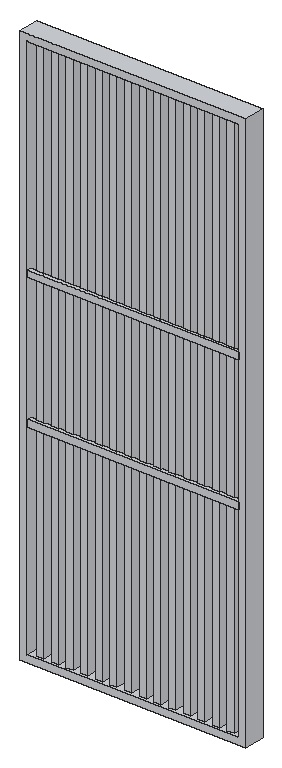
Revit family "Fire Staircase Screen", category Generic Models, Revit 2025
Family settings
  Can host rebar = No
  Round Connector Dimension = Use Diameter
  Part Type = Normal
  Work Plane-Based = No
  Always vertical = Yes
  Cut with Voids When Loaded = No
  Maintain Annotation Orientation = No
  Shared = No
  Room Calculation Point = No
Parameters
  Screen height = 4000 mm
  Screen Width = 1600 mm
  Post Width = 125 mm
  Post Height = Screen height - 2 * Frame Depth  # 3900 mm
  Post Depth = 50 mm
  Material = none
  Frame Width = 150 mm
  Frame Depth = 50 mm
  Default Elevation = 0 mm
  Bottom Battern Height = 1500 mm
  Battern Width = 25 mm
  Battern Thickness = 50 mm
  Battern Space = 1000 mm
  Battern Length = Screen Width - 2 * Frame Depth  # 1500 mm
  Baluster Start = 50 mm  # constant formula
  Baluster Count = (((Screen Width - 2 * Frame Depth - 2 * Baluster Start) / Post Depth)) / 2  # 14
Reference planes
  plane 1 "Center (Front/Back)": y = 0
  plane 2: z = 0
  plane 3 "Center (Left/Right)": x = 0
  plane 4: x = -800
  plane 5: x = 800
  plane 6: z = 4000
  plane 7: z = 50
  plane 8: x = -750
  plane 9: x = 750
  plane 10: z = 3950
  plane 11: y = -75
  plane 12: y = 75
  plane 13: x = -700
  plane 14: x = -750
  plane 15: x = 700
  plane 16: x = 750
  plane 17: z = 1500
  plane 18: z = 2500
  plane 19: y = -50
Forms (mm)
  Sweep 1, solid, material <- "Material"
    path origin (0, 0, 0) x (1, 0, 0) y (0, 0, 1)
      loop
        line (-800, 0) -> (800, 0) -> (800, 4000) -> (-800, 4000) -> (-800, 0)
    profile origin (-800, 0, 2000) x (0, -1, 0) y (1, 0, 0)
      loop
        line (-75, 0) -> (75, 0) -> (75, 50) -> (-75, 50) -> (-75, 0)
Dimensions and locks
  equal spacing: plane 4, plane 3 "Center (Left/Right)", plane 5
  "Screen Width": plane 4 to plane 5
  "Screen height": plane 6 to plane 2
  "Frame Depth": Sweep 1 sketch curve to Sweep 1 sketch curve
  "Frame Width": Sweep 1 sketch curve to Sweep 1 sketch curve
  equal spacing: Sweep 1 sketch curve, profile plane, Sweep 1 sketch curve
  "Frame Depth": plane 7 to plane 2
  "Frame Depth": plane 8 to plane 4
  "Frame Depth": plane 9 to plane 5
  "Frame Depth": plane 10 to plane 6
  equal spacing: plane 12, plane 1 "Center (Front/Back)", plane 11
  "Frame Width": plane 12 to plane 11
  "Frame Depth": plane 4 to plane 14
  "Baluster Start": plane 14 to plane 13
  "Frame Depth": plane 5 to plane 16
  "Baluster Start": plane 15 to plane 16
  equal spacing: group 1, group 3, group 4, group 5, group 6, group 7, group 8, group 9, group 10, group 11, group 12, group 13, group 14, group 2  (x3)
  "Bottom Battern Height": plane 17 to level
  "Battern Space": plane 18 to plane 17
  "Battern Width": plane 11 to plane 19
  aligned and locked: level to plane 2
  aligned and locked: Sweep 1 sketch curve to level
  aligned and locked: Sweep 1 sketch curve to plane 4
  aligned and locked: plane 6 to Sweep 1 sketch curve
  aligned and locked: Sweep 1 sketch curve to plane 5
  aligned and locked: plane 7 to nested 1
  aligned and locked: nested 1 to plane 13
  aligned and locked: plane 15 to nested 2
  aligned and locked: nested 12 to plane 3 "Center (Left/Right)"
  aligned and locked: nested 1 to plane 19
  aligned and locked: nested 2 to plane 19
  aligned and locked: plane 11 to nested 12
  aligned and locked: nested 12 to plane 17
  aligned and locked: plane 11 to nested 13
  aligned and locked: nested 13 to plane 3 "Center (Left/Right)"
  aligned and locked: plane 18 to nested 13
  aligned and locked: plane 7 to nested 2
Automatic sketch dimensions
  Sweep 1 sketch curve to profile plane = 0 mm
Nested families
  nested 1: "Screen Post" at (-675, 12.5, 50) x (0, 1, 0) z (0, 0, 1), type "Screen Post"
    with Width 125 mm, Length 50 mm, Height 3900 mm
  nested 2: "Screen Post" at (675, 12.5, 50) x (0, 1, 0) z (0, 0, 1), type "Screen Post"
    with Width 125 mm, Length 50 mm, Height 3900 mm
  nested 3: "Screen Post" at (-571.154, 12.5, 50) x (0, 1, 0) z (0, 0, 1), type "Screen Post"
    with Width 125 mm, Length 50 mm, Height 3900 mm
  nested 4: "Screen Post" at (-467.308, 12.5, 50) x (0, 1, 0) z (0, 0, 1), type "Screen Post"
    with Width 125 mm, Length 50 mm, Height 3900 mm
  nested 5: "Screen Post" at (-363.462, 12.5, 50) x (0, 1, 0) z (0, 0, 1), type "Screen Post"
    with Width 125 mm, Length 50 mm, Height 3900 mm
  nested 6: "Screen Post" at (-259.615, 12.5, 50) x (0, 1, 0) z (0, 0, 1), type "Screen Post"
    with Width 125 mm, Length 50 mm, Height 3900 mm
  nested 7: "Screen Post" at (-155.769, 12.5, 50) x (0, 1, 0) z (0, 0, 1), type "Screen Post"
    with Width 125 mm, Length 50 mm, Height 3900 mm
  nested 8: "Screen Post" at (-51.923, 12.5, 50) x (0, 1, 0) z (0, 0, 1), type "Screen Post"
    with Width 125 mm, Length 50 mm, Height 3900 mm
  nested 9: "Screen Post" at (51.923, 12.5, 50) x (0, 1, 0) z (0, 0, 1), type "Screen Post"
    with Width 125 mm, Length 50 mm, Height 3900 mm
  nested 10: "Screen Post" at (155.769, 12.5, 50) x (0, 1, 0) z (0, 0, 1), type "Screen Post"
    with Width 125 mm, Length 50 mm, Height 3900 mm
  nested 11: "Screen Post" at (259.615, 12.5, 50) x (0, 1, 0) z (0, 0, 1), type "Screen Post"
    with Width 125 mm, Length 50 mm, Height 3900 mm
  nested 12: "Screen Front Battern" at (0, -62.5, 1500) x (-1, 0, 0) z (0, 0, 1), type "Screen Front Battern"
    with Length 1500 mm
  nested 13: "Screen Front Battern" at (0, -62.5, 2450) x (-1, 0, 0) z (0, 0, 1), type "Screen Front Battern"
    with Length 1500 mm
  nested 14: "Screen Post" at (363.462, 12.5, 50) x (0, 1, 0) z (0, 0, 1), type "Screen Post"
    with Width 125 mm, Length 50 mm, Height 3900 mm
  nested 15: "Screen Post" at (467.308, 12.5, 50) x (0, 1, 0) z (0, 0, 1), type "Screen Post"
    with Width 125 mm, Length 50 mm, Height 3900 mm
  nested 16: "Screen Post" at (571.154, 12.5, 50) x (0, 1, 0) z (0, 0, 1), type "Screen Post"
    with Width 125 mm, Length 50 mm, Height 3900 mm
Definition of nested family "Screen Post"
  Parameters (values of type "Screen Post")
    Width = 150 mm
    Material = none
    Length = 150 mm
    Height = 1500 mm
    Default Elevation = 0 mm
  Reference planes
    plane 1 "Center (Front/Back)": y = 0
    plane 2: z = 0
    plane 3 "Center (Left/Right)": x = 0
    plane 4: y = 75
    plane 5: y = -75
    plane 6: x = -75
    plane 7: x = 75
    plane 8: z = 1500
  Forms (mm)
    Extrusion 1, solid, material <- "Material"
      sketch origin (0, 0, 0) x (1, 0, 0) y (0, 1, 0)
        loop
          line (-75, -75) -> (75, -75) -> (75, 75) -> (-75, 75) -> (-75, -75)
      from 0 to 1500
  Dimensions and locks
    equal spacing: plane 5, plane 1 "Center (Front/Back)", plane 4
    "Length": plane 4 to plane 5
    equal spacing: plane 6, plane 3 "Center (Left/Right)", plane 7
    "Width": plane 6 to plane 7
    "Height": plane 8 to plane 2
    aligned and locked: level to plane 2
    aligned and locked: plane 5 to Extrusion 1 sketch curve
    aligned and locked: Extrusion 1 sketch curve to plane 6
    aligned and locked: plane 4 to Extrusion 1 sketch curve
    aligned and locked: Extrusion 1 sketch curve to plane 7
    aligned and locked: plane 8 to Extrusion 1
    aligned and locked: Extrusion 1 to level
Definition of nested family "Screen Front Battern"
  Parameters (values of type "Screen Front Battern")
    Width = 25 mm
    Thickness = 50 mm
    Material = none
    Length = 1000 mm
    Default Elevation = 0 mm
  Reference planes
    plane 1 "Center (Front/Back)": y = 0
    plane 2: z = 0
    plane 3 "Center (Left/Right)": x = 0
    plane 4: y = 12.5
    plane 5: y = -12.5
    plane 6: x = -500
    plane 7: x = 500
    plane 8: z = 50
  Forms (mm)
    Extrusion 1, solid
      sketch origin (0, 0, 0) x (0, 1, 0) y (0, 0, 1)
        loop
          line (12.5, 0) -> (12.5, 50) -> (-12.5, 50) -> (-12.5, 0) -> (12.5, 0)
      from -500 to 500
  Dimensions and locks
    equal spacing: plane 5, plane 1 "Center (Front/Back)", plane 4
    equal spacing: plane 6, plane 3 "Center (Left/Right)", plane 7
    "Length": plane 6 to plane 7
    "Thickness": plane 8 to plane 2
    equal spacing: plane 4, plane 1 "Center (Front/Back)", plane 5
    "Width": plane 4 to plane 5
    aligned and locked: level to plane 2
    aligned and locked: level to Extrusion 1 sketch curve
    aligned and locked: Extrusion 1 sketch curve to plane 4
    aligned and locked: Extrusion 1 sketch curve to plane 8
    aligned and locked: Extrusion 1 sketch curve to plane 5
    aligned and locked: Extrusion 1 to plane 6
    aligned and locked: Extrusion 1 to plane 7
